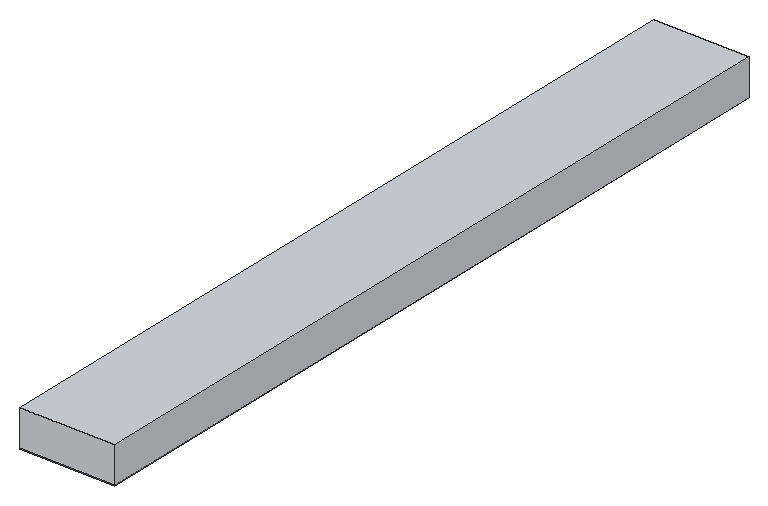
Revit family "ERK9635W_RAD768N", category 照明器具, Revit 2020
Family settings
  丸型コネクタ寸法 = 直径を使用
  パーツ タイプ = 標準
  OmniClass 番号 = 23.80.70.11.14.17
  OmniClass タイトル = Direct/Indirect
  作業面ベース = いいえ
  常に垂直 = はい
  ロード時にボイドで切り取り = はい
  光源 = はい
  共有 = いいえ
  部屋計算ポイント = いいえ
Parameters (values of type "ERK9635W_RAD768N")
  電源種別_記号 = "AC"
  電源種別 = ""
  防災用照明器具電源種別 = ""
  防災用照明器具種類 = ""
  運転質量 = 0.00 kg
  質量 = 0.00 kg
  負荷分類 = 8_照明
  積算_科目2 = "[1_1]照明"
  説明 = "ベースライト 逆富士 40Wタイプ W+150"
  誘導灯形式 = ""
  誘導灯仕様 = ""
  認定番号 = ""
  設置方法 = ""
  記号 = ""
  製造元 = "株式会社遠藤照明"
  製品質量 = 0.00 kg
  製品出荷対象 = ""
  製品リリース年月 = "2023.04"
  製品グループ = ""
  背面形式 = ""
  系統 [instance] = ""
  符号 = ""
  積算_科目 = "1 電灯設備"
  積算_拾い区分 = ""
  種別 [instance] = ""
  相 = 1
  皮相負荷 = 0 VA
  用途 = "E_一般照明"
  特殊仕様 [instance] = ""
  照明制御装置の種類 = ""
  法定耐用年数 = ""
  極数 = 1
  材質_本体 = none
  材質_反射板 = none
  材質_ルーバー = none
  材質_カバー = none
  材質 = ""
  既定の高さ = 0 mm
  形式 = "ベースライト"
  平均演色評価数(Ra) = 82
  定格消費電力 = 15.4 W
  定格入力電流 = 0 A
  定格入力電圧 = 0 V
  定格入力容量 = 0 VA
  定格光束 = 2540 lm
  安定器_蛍光灯 = ""
  安定器_定格電圧 = 0 V
  安定器_入力電流 = 0 A
  安定器_入力電力 = 0 W
  安定器_二次電圧 = 0 V
  埋込高さ = "0"
  埋込穴寸法 = "0"
  固有エネルギー消費効率(lm/W) = 164.9
  器具サイズ = ""
  呼称 = "ベースライト"
  周波数 = 0 Hz
  参照している仕様書等のバージョン = ""
  分類コード = "40305100000000"
  分類グループ = ""
  公共型番 = "LSS9-4-23"
  傾斜角 = 90.00°
  価格 = 23250
  企業コード = "6932"
  付属品 = ""
  仕様書バージョン = ""
  仕様 = ""
  Wattage = 17.0995 W
  built-in parameter 1150110 = 1 (stored number, unit not read)
  built-in parameter 1114217 = 1 (stored number, unit not read)
  built-in parameter 1150109 = 1 (stored number, unit not read)
  built-in parameter 1150134 = 2
  ランプの種類 = "LED"
  ランプ_電流 = 0 A
  ランプ_本数 = 0
  ランプ_定格消費電力 = 0 W
  ランプ_定格消費効率(lm/W) = 0
  ランプ_大きさ = ""
  ランプ_全光束 = 0 lm
  ランプ = "LED"
  モデル = "ERK9635W_RAD768N"
  フォトメトリック Web ファイル = "ERK9635W_RAD768N.IES"
  イメージ(タイプ) = <なし>
  シンボル表示 = yes
  built-in parameter 1150113 = 1 (stored number, unit not read)
  Lumens = 2540 lm
  built-in parameter 1150115 = 1 (stored number, unit not read)
  built-in parameter 1150105 = 202.13 (stored number, unit not read)
  built-in parameter 1150137 = (empty or 0)
  built-in parameter 1150139 = (empty or 0)
  built-in parameter 1150112 = 1 (stored number, unit not read)
  built-in parameter 1150114 = 1 (stored number, unit not read)
  built-in parameter 1150132 = 2
  built-in parameter 1150102 = (empty or 0)
  built-in parameter 1150138 = (empty or 0)
  built-in parameter 1150107 = 5000 (stored number, unit not read)
  built-in parameter 1150106 = 2.0213 (stored number, unit not read)
  built-in parameter 1150104 = 13.8 (stored number, unit not read)
  Dimming Lamp Color Temperature Shift = (empty or 0)
  サービススペース表示 = no
  コメント = ""
  グレア分類 = ""
  Keynote = ""
  Color Filter = 16777215
  built-in parameter 1114218 = 1 (stored number, unit not read)
  built-in parameter 1150133 = 10 (stored number, unit not read)
  カバー形状 = ""
  built-in parameter 1150142 = "IESNA:LM-63-2002\r\n[TEST] ERK9635W_RAD768N  HEC0K01(update:11111111)\r\n[MANUFAC] ENDO LIGHTING CORP.\r\n[LUMCAT] ERK9635W_RAD768N\r\n[LAMP] 40W2500lmÀ²Ìß_SD??°½Þ_5000K 5000K\r\n[LAMPCAT] 40W2500lmÀ²??_SD¼Ø°??_5000K 2589 lm x1 5000K\r\nTILT=NONE\r\n1 2589 1.0 37 19 1 2 0 0 0\r\n1 1 0\r\n0 5 10 15 20 25 30 35 40 45 50 55 60 65 70 75 80 85 90 95 100 105 110 115 120 125 130 135 140 145 150 155 160 165 170 175 180 \r\n0 5 10 15 20 25 30 35 40 45 50 55 60 65 70 75 80 85 90 \r\n785.7506 785.2323 775.7991 760.0427 738.2739 710.7519 678.2023 640.7288 598.2278 552.306 503.8237 452.4182 399.8569 347.6376 297.2325 248.6569 203.9945 164.5723\r\n131.1882 104.1742 83.4005 68.7635 55.9148 42.3305 25.7888 11.3716 2.0746 1.8175 1.7703 2.0195 2.0955 2.2266 2.1296 2.2004 2.3473 2.5021\r\n2.6174\r\n785.7506 784.8177 775.3845 759.628 737.7556 710.4927 677.684 640.1587 597.9687 551.684 503.0359 451.76 399.3075 347.0208 296.5587 247.9779 203.3104 163.8933\r\n130.5144 103.5574 82.877 68.2815 55.4949 41.8583 25.385 11.0482 2.0051 1.807 1.7729 2.0116 2.0969 2.2293 2.1296 2.2057 2.3525 2.5047\r\n2.607\r\n785.7506 784.2994 774.607 759.0061 736.9781 709.5598 676.751 639.1221 596.7765 550.5956 501.8541 450.4486 397.7215 345.2793 294.672 245.9669 201.2009 161.8045\r\n128.5086 101.7174 81.3013 66.9028 54.2458 40.4947 24.2049 10.0935 1.8254 1.7821 1.7756 1.9985 2.0982 2.2306 2.1309 2.2201 2.3617 2.5021\r\n2.586\r\n785.7506 783.781 774.0887 758.1768 736.1488 708.3676 675.6108 637.8263 595.2216 548.8852 499.8898 448.2199 395.2802 342.5531 291.6296 242.6653 197.749 158.3578\r\n125.1914 98.6905 78.7046 64.6586 52.1881 38.2913 22.3218 8.5655 1.6051 1.7572 1.7887 1.9801 2.0969 2.2319 2.1336 2.2345 2.3709 2.4902\r\n2.5702\r\n785.7506 783.2627 773.6741 757.5548 735.2677 707.5902 674.4187 636.2714 593.5112 546.5528 497.2671 445.2034 391.9216 338.8109 287.4987 238.1249 193.0013 153.5686\r\n120.6044 94.5181 75.1802 61.5902 49.3463 35.1836 19.7749 6.6193 1.4844 1.7427 1.8201 1.9683 2.0982 2.2359 2.1401 2.2476 2.3722 2.4811\r\n2.5623\r\n785.7506 782.3298 772.482 756.259 733.8164 706.0353 672.4491 634.4055 591.2825 544.1686 494.3802 441.7929 387.7804 334.1202 282.3208 232.4754 187.0252 147.5096\r\n114.8046 89.2988 70.7953 57.734 45.7793 31.315 16.6656 4.6029 1.4975 1.7336 1.8582 1.967 2.11 2.2398 2.1454 2.2582 2.3683 2.4732\r\n2.5571\r\n785.7506 781.3968 771.4454 754.9115 732.106 703.9102 670.0649 631.6585 588.2245 541.0587 490.9697 437.859 383.1623 328.6625 276.1167 225.7323 179.8623 140.2741\r\n107.937 83.1361 65.633 53.1988 41.4255 26.7777 13.0908 2.7355 1.5225 1.7336 1.8988 1.971 2.1231 2.249 2.148 2.2607 2.367 2.468\r\n2.5585\r\n785.7506 780.7749 770.7716 754.0303 730.8103 702.0962 667.7325 628.6523 584.8555 537.2233 486.7715 433.4016 378.0777 322.7642 269.2181 218.0095 171.6264 131.9346\r\n100.0018 76.1079 59.8487 48.0215 36.3244 21.7947 9.1087 1.6825 1.5461 1.7415 1.9356 1.9814 2.1362 2.2607 2.1519 2.2607 2.367 2.4667\r\n2.5598\r\n785.7506 780.8785 770.6679 753.8748 730.1365 700.7486 665.763 626.009 581.6939 533.4397 482.4488 428.1563 372.3971 316.389 261.8996 209.6182 162.5664 122.7139\r\n91.2684 68.4629 53.5772 42.3564 30.4629 16.6148 5.172 1.4136 1.5683 1.7651 1.9631 2.0011 2.1506 2.2686 2.1571 2.2594 2.3631 2.468\r\n2.561\r\n785.7506 781.034 770.5124 753.4602 729.4627 699.6083 664.0526 623.9357 578.7914 529.9152 477.9862 423.0407 366.2862 309.4126 254.0058 200.61 152.7031 112.6277\r\n81.7471 60.2685 46.9201 36.2456 23.8928 11.3167 2.3408 1.449 1.6024 1.7913 1.9958 2.0195 2.1637 2.2778 2.1664 2.2582 2.3656 2.4706\r\n2.561\r\n785.7506 781.1377 770.4088 753.201 728.6852 698.4162 662.4976 621.707 576.0443 526.598 474.187 418.1893 360.4501 302.4103 245.8632 191.2857 142.2799 101.9558\r\n71.7438 51.8616 39.9831 29.7284 17.2181 5.9926 1.4202 1.474 1.6378 1.8162 2.0339 2.0405 2.1742 2.2883 2.1742 2.2594 2.3656 2.4745\r\n2.5585\r\n785.7506 780.8785 770.2533 752.8382 728.3224 697.3796 660.8909 619.4783 573.2973 523.3327 470.2531 413.8615 355.1012 295.6827 237.6792 181.6349 131.3955 90.7034\r\n61.2896 43.3137 32.7838 22.5287 10.8445 2.1637 1.4189 1.5094 1.6641 1.8438 2.0693 2.068 2.1821 2.3001 2.1834 2.2621 2.3683 2.4784\r\n2.5598\r\n785.7506 780.6194 769.4758 751.9053 727.1303 695.7728 658.9213 617.2496 570.654 520.0674 466.3191 409.5336 349.8819 289.3231 229.775 172.0618 120.3038 79.0467\r\n50.6446 34.8819 25.4664 14.923 4.8651 1.4687 1.453 1.5579 1.6877 1.8778 2.1086 2.0982 2.1899 2.3119 2.1912 2.266 2.367 2.4811\r\n2.5585\r\n785.7506 781.1377 770.2533 751.9053 726.8711 695.41 657.9884 615.7983 568.5807 517.7195 463.3026 405.864 345.4607 283.8913 222.8246 163.1573 109.549 67.3745\r\n40.0878 26.843 18.1096 8.0254 1.731 1.4687 1.4988 1.5933 1.7152 1.9133 2.1388 2.1296 2.1991 2.325 2.2004 2.2726 2.3709 2.4824\r\n2.561\r\n785.7506 782.7444 771.6009 753.0974 727.6486 695.9283 657.9884 615.1246 567.285 515.7551 460.9391 402.7179 341.8171 279.2887 216.8589 155.1702 99.3332 55.8733\r\n29.8067 19.211 10.504 2.5178 1.6261 1.4949 1.5369 1.6365 1.752 1.9447 2.1637 2.1611 2.2122 2.3368 2.2096 2.2791 2.3735 2.4837\r\n2.561\r\n785.7506 783.0036 771.7045 753.0974 727.3894 695.6692 657.9884 615.1246 567.0258 515.0968 459.6278 400.484 338.8264 275.4481 211.9142 148.3908 90.0244 44.8484\r\n20.0506 11.8676 3.9865 1.7048 1.6392 1.5081 1.5893 1.6719 1.769 1.9723 2.1834 2.1912 2.2332 2.3499 2.2188 2.287 2.3775 2.485\r\n2.5623\r\n785.7506 782.8481 771.4454 752.6827 726.8711 694.9954 656.8481 613.8288 565.6782 513.9203 458.3165 399.1727 337.0435 272.8514 208.2032 143.2492 82.6127 35.0001\r\n11.3955 5.1798 1.8097 1.6785 1.6523 1.5736 1.63 1.7048 1.7939 1.9932 2.1991 2.2122 2.2568 2.3604 2.228 2.2961 2.3827 2.4876\r\n2.565\r\n785.7506 781.2932 769.8905 751.2315 725.2644 693.285 655.1377 612.1184 564.1233 511.9507 456.2174 396.8144 334.6696 270.4931 205.4717 139.5899 77.3259 27.5381\r\n4.7078 1.9015 1.8228 1.7703 1.731 1.613 1.6182 1.7218 1.8018 2.0011 2.2057 2.228 2.2752 2.3709 2.2345 2.304 2.3866 2.489\r\n2.5676\r\n785.7506 778.3907 767.1435 748.4845 722.2582 690.538 652.7535 609.7342 561.9983 510.1159 454.253 394.9796 332.897 268.7464 203.8598 138.0039 75.4808 24.7055\r\n1.8097 1.9146 1.8359 1.731 1.6785 1.5999 1.6156 1.7205 1.807 2.0037 2.2109 2.2319 2.2844 2.3762 2.2398 2.308 2.3893 2.489\r\n2.5676\r\n"
  diameter = 0 mm
  Width = 150 mm
  Version = ""
  Uniclass2015Version = ""
  Uniclass2015Title = ""
  Uniclass2015Code = ""
  URL = "https://www.endo-lighting.co.jp/"
  SpecificationReference = ""
  SpecificationDescription = ""
  Revision = ""
  ProductInformation = ""
  OmniClassCode = "23.80.70.11.14.17"
  LED制御装置 = ""
  IfcTypeProduct = ""
  IfcProduct = ""
  IfcExportType = ""
  IfcExportAs = "IfcLightFixtureType"
  Height = 57 mm
  Depth = 1250 mm
  Clearance Top = 0 mm
  Clearance Right = 0 mm
  Clearance Left = 0 mm
  Clearance Front = 0 mm
  Clearance Bottom = 0 mm
  Clearance Back = 0 mm
  Author = "遠藤照明"
Reference planes
  plane 1 "光源軸(正面/背面)": y = 0
  plane 2: z = 0
  plane 3 "光源軸(左/右)": x = 0
  plane 4 "光源高さ": z = -157
  plane 5: x = 75
  plane 6: x = -75
  plane 7: y = 625
  plane 8: y = -625
  plane 9: z = -57
  plane 10: z = 0
  plane 11: z = -59
Forms (mm)
  Extrusion 1, solid
    sketch origin (0, 0, 0) x (1, 0, 0) y (0, 0, 1)
      loop
        line (-75, -57) -> (75, -57) -> (75, 0) -> (-75, 0) -> (-75, -57)
    from 625 to -625
  Extrusion 2, solid, material "発光面"
    sketch origin (0, 0, 0) x (1, 0, 0) y (0, 0, 1)
      loop
        line (-75, -59) -> (75, -59) -> (75, -57) -> (-75, -57) -> (-75, -59)
    from 625 to -625
Lines and regions (mm)
  symbolic lines, detail levels fine
    curve 1: line (75, 625, 0) -> (-75, 625, 0)
    curve 2: line (75, -625, 0) -> (75, 625, 0)
    curve 3: line (-75, 625, 0) -> (-75, -625, 0)
    curve 4: line (-75, -625, 0) -> (75, -625, 0)
Dimensions and locks
  equal spacing: plane 6, plane 3 "光源軸(左/右)", plane 5
  "Width": plane 6 to plane 5
  equal spacing: plane 8, plane 1 "光源軸(正面/背面)", plane 7
  "Depth": plane 8 to plane 7
  "Height": plane 2 to plane 9
  locked: plane 9 to plane 4 "光源高さ" at 100
  locked: plane 9 to plane 11 at 2
  aligned and locked: plane 3 "光源軸(左/右)" to imposter light
  aligned and locked: plane 1 "光源軸(正面/背面)" to imposter light
  aligned and locked: plane 4 "光源高さ" to imposter light
  aligned and locked: level to plane 2
  aligned and locked: plane 6 to Extrusion 1 sketch curve
  aligned and locked: plane 2 to Extrusion 1 sketch curve
  aligned and locked: plane 5 to Extrusion 1 sketch curve
  aligned and locked: plane 7 to Extrusion 1
  aligned and locked: plane 8 to Extrusion 1
  aligned and locked: Extrusion 2 sketch curve to plane 11
  aligned and locked: plane 6 to Extrusion 2 sketch curve
  aligned and locked: Extrusion 2 sketch curve to Extrusion 1  (x2)
  aligned and locked: plane 7 to Extrusion 2
  aligned and locked: plane 8 to Extrusion 2
  aligned and locked: curve 1 to Extrusion 1
  aligned and locked: curve 2 to Extrusion 1
  aligned and locked: curve 3 to Extrusion 1
  aligned and locked: curve 4 to Extrusion 1
Automatic sketch dimensions
  Extrusion 1 sketch curve to plane 9 = 0 mm
Nested families
  nested 1: "symbol_line" at (0, 0, 0) x (0, -1, 0) z (0, 0, 1), visible <- "シンボル表示", type "1/100", detail levels coarse+medium
Connectors
  electrical at (0, 0, 0), driven by "極数", driven by "負荷分類", driven by "定格入力電圧", driven by "皮相負荷"
    settings: on Extrusion 1, index 1, voltage 0 V, apparent load 0 VA, apparent load phase1 0 VA, apparent load phase2 0 VA, apparent load phase3 0 VA, power factor 1, load classification "8_照明", number of poles 1, system type 30, power factor state 1, is connector primary yes, connector utility no, sub classification motor no, connector description ""
Definition of nested family "symbol_line"
  Parameters (values of type "1/100")
    縮尺倍率 = if([縮尺1/50], 1.25, if([縮尺1/100], 1, if([縮尺1/200], 0.8, 0)))  # 1
    縮尺1/50 = no
    縮尺1/200 = no
    縮尺1/100 = yes
    W = 12 mm * 縮尺倍率  # 12 mm
    D = 1.5 mm * 縮尺倍率  # 1.5 mm
  Reference planes
    plane 1: y = 0
    plane 2: x = 0
  Lines and regions (mm)
    Masking region 1
      outline origin (0, 0, 0) x (1, 0, 0) y (0, 1, 0)
        loop
          line (-6, 0.75) -> (-6, -0.75) -> (6, -0.75) -> (6, 0.75) -> (-6, 0.75)
    reference lines
      curve 1: line (-304.8, 0.75, 0) -> (304.8, 0.75, 0)
      curve 2: line (304.8, -0.75, 0) -> (-304.8, -0.75, 0)
      curve 3: line (-6, -304.8, 0) -> (-6, 304.8, 0)
      curve 4: line (6, 304.8, 0) -> (6, -304.8, 0)
      curve 5: line (-6, 0.75, 0) -> (6, 0.75, 0)
      curve 6: line (-6, -0.75, 0) -> (-6, 0.75, 0)
      curve 7: line (6, 0.75, 0) -> (6, -0.75, 0)
    detail lines
      curve 8: line (-6, 0.75, 0) -> (6, 0.75, 0)
      curve 9: line (-6, -0.75, 0) -> (-6, 0.75, 0)
      curve 10: line (6, 0.75, 0) -> (6, -0.75, 0)
      curve 11: line (6, -0.75, 0) -> (-6, -0.75, 0)
  Dimensions and locks
    equal spacing: curve 2, plane 1, curve 1, locked at 0.75 each
    equal spacing: curve 3, plane 2, curve 4, locked at 6 each
    "W": curve 3 to curve 4
    "D": curve 2 to curve 1
    aligned and locked: curve 1 to curve 5
    aligned and locked: curve 3 to curve 6
    aligned and locked: curve 4 to curve 7
    aligned and locked: curve 9 to curve 6
    aligned and locked: curve 10 to curve 7
    aligned and locked: curve 1 to curve 8
    aligned and locked: curve 2 to curve 11
    aligned and locked: Masking region 1 sketch curve to curve 8
    aligned and locked: Masking region 1 sketch curve to curve 10
    aligned and locked: Masking region 1 sketch curve to curve 11
    aligned and locked: Masking region 1 sketch curve to curve 9
  Automatic sketch dimensions
    curve 1 to curve 5 = 298.8 mm
    curve 2 to curve 1 = 0 mm  (x2)
    curve 5 to curve 1 = 298.8 mm
    curve 4 to curve 7 = 304.05 mm
    curve 3 to curve 4 = 0 mm  (x2)
    curve 5 to curve 3 = 304.05 mm
